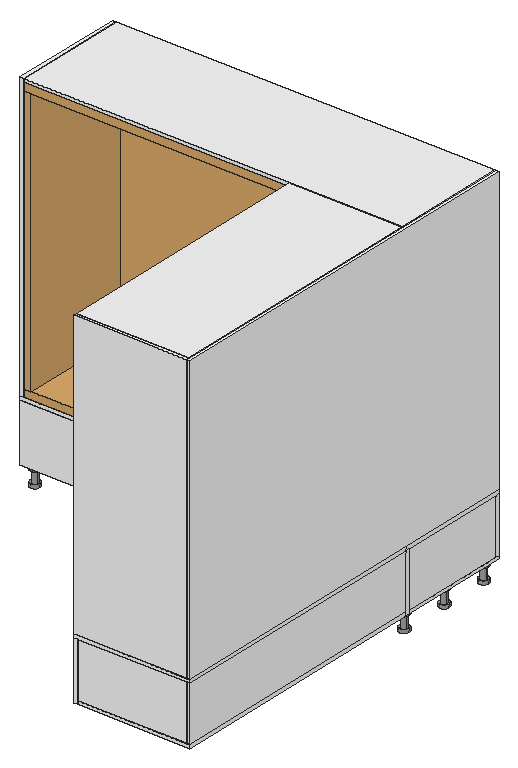
Revit family "1900H Corner Perchpad", category Casework, Revit 2016
Family settings
  OmniClass Number = 23.40.35.00
  OmniClass Title = Casework
  Work Plane-Based = No
  Always vertical = Yes
  Cut with Voids When Loaded = No
  Shared = No
  Room Calculation Point = No
Parameters (values of type "LW2019CPP")
  WarrantyGuarantorParts = "www.bisley.com"  # constant formula
  WarrantyGuarantorLabour = "www.bisley.com"  # constant formula
  WarrantyDurationUnit = "Years"  # constant formula
  WarrantyDurationParts = "5"  # constant formula
  WarrantyDurationLabour = "5"  # constant formula
  WarrantyDescription = "5 Years Parts & Labour"  # constant formula
  Uniclass2015Version = "3.1"  # constant formula
  Uniclass2015Title = "Lockers"  # constant formula
  Uniclass2015Code = "Pr_40_30_78_48"  # constant formula
  URL = "www.bisley.com"
  SustainabilityPerformance = "FSC Approved"  # constant formula
  SerialNumber = ""
  NominalWidth = Width  # 2000 mm
  NominalLength = Depth  # 2000 mm
  NominalHeight = Height  # 1900 mm
  Name = "1900H Corner Perch Pad"  # constant formula
  NBSReference = "45-35-80/380"  # constant formula
  NBSDescription = "General fittings, furnishings and equipment system"  # constant formula
  ModelReference = "LW2019CPP"
  Model = "Abode"  # constant formula
  Material = "MFC"  # constant formula
  ManufacturerURL = "www.bisley.com"  # constant formula
  Manufacturer = "Bisley"  # constant formula
  ManufactureName = "Bisley"  # constant formula
  Finish = "Matt"  # constant formula
  DurationUnit = "Years"  # constant formula
  Depth = 2000 mm
  Height = 1900 mm
  Width = 2000 mm
  Carcass Material = "MFC"  # constant formula
  Author = "Bisley"  # constant formula
  AssetType = "Fixed"  # constant formula
  2m = yes
  1m = no
Reference planes
  plane 1 "Back": y = 0
  plane 2: z = 0
  plane 3 "Center (Left/Right)": x = 44.7
  plane 4 "Front": y = -2000
  plane 5 "Left": x = -955.3
  plane 6 "Right": x = 1044.7
  plane 7 "Top": z = 1900
  plane 8 "Base Panel": z = 100
  plane 9 "Supports": z = 118
  plane 10 "Base Top Panel": z = 402
  plane 11 "Base Top": z = 420
  plane 12 "Top cushion": z = 1882
  plane 13: x = -937.3
  plane 14: x = -131.3
  plane 15: x = -113.3
  plane 16: x = 202.7
  plane 17: x = 220.7
  plane 18: x = 1026.7
  plane 19: y = -18
  plane 20: y = -582
  plane 21: x = -450.3
  plane 22: x = -432.3
  plane 23: x = 539.7
  plane 24: x = 521.7
  plane 25: x = 35.7
  plane 26: x = 53.7
  plane 27: y = -28
  plane 28: x = -897.3
  plane 29: x = 986.7
  plane 30: y = -590
  plane 31: z = 450
  plane 32: x = -907.3
  plane 33: x = 996.7
  plane 34: z = 1852
  plane 35: y = -590
  plane 36: x = 444.7
  plane 37: y = -1982
  plane 38: y = -618
  plane 39: y = -1540
  plane 40: y = -1522
  plane 41: y = -1078
  plane 42: y = -1060
  plane 43: x = 462.7
  plane 44: x = 1016.7
  plane 45 "Top Cushion": z = 1842
Forms (mm)
  Extrusion 1, solid, not visible
    sketch origin (-1691.73, 346.204, -12) x (1, 0, 0) y (0, 0, 1)
      loop
        line (48, 12) -> (56, 12) -> (56, 20) -> (48, 20) -> (48, 12)
    from 0 to 26
  Extrusion 2, solid, not visible
    sketch origin (-1683.73, 346.204, -12) x (-1, 0, 0) y (0, 0, -1)
      loop
        line (48, -12) -> (48, -20) -> (56, -20) -> (56, -12) -> (48, -12)
    from 0 to 26
  Extrusion 3, solid, not visible
    sketch origin (-1687.73, 350.204, -3.997) x (0, 1, 0) y (0, 0, 1)
      loop
        line (-26, 3.997) -> (-26, 11.997) -> (-34, 11.997) -> (-34, 3.997) -> (-26, 3.997)
    from -52 to 52
  Extrusion 4, solid, material "MFC 1"
    sketch origin (0, 0, 100) x (-1, 0, 0) y (0, -1, 0)
      loop
        line (955.3, 582) -> (-1044.7, 582) -> (-1044.7, 0) -> (955.3, 0) -> (955.3, 582)
    from 0 to 18
  Extrusion 5, solid, material "MFC 1"
    sketch origin (0, 0, 402) x (-1, 0, 0) y (0, -1, 0)
      loop
        line (955.3, 600) -> (-1044.7, 600) -> (-1044.7, 0) -> (955.3, 0) -> (955.3, 600)
    from 0 to 18
  Extrusion 6, solid, material "MFC 1"
    sketch origin (0, 0, 118) x (-1, 0, 0) y (0, -1, 0)
      loop
        line (955.3, 582) -> (937.3, 582) -> (937.3, 18) -> (955.3, 18) -> (955.3, 582)
    from 0 to 284
  Extrusion 7, solid, material "MFC 1", visible <- "1m"
    sketch origin (0, 0, 118) x (-1, 0, 0) y (0, -1, 0)
      loop
        line (131.3, 582) -> (113.3, 582) -> (113.3, 18) -> (131.3, 18) -> (131.3, 582)
    from 0 to 284
  Extrusion 8, solid, material "MFC 1", visible <- "1m"
    sketch origin (0, 0, 118) x (-1, 0, 0) y (0, -1, 0)
      loop
        line (-202.7, 582) -> (-220.7, 582) -> (-220.7, 18) -> (-202.7, 18) -> (-202.7, 582)
    from 0 to 284
  Extrusion 9, solid, material "MFC 1"
    sketch origin (0, 0, 118) x (-1, 0, 0) y (0, -1, 0)
      loop
        line (-1026.7, 582) -> (-1044.7, 582) -> (-1044.7, 18) -> (-1026.7, 18) -> (-1026.7, 582)
    from 0 to 284
  Extrusion 10, solid, material "MFC 1"
    sketch origin (0, 0, 118) x (-1, 0, 0) y (0, -1, 0)
      loop
        line (955.3, 18) -> (-1044.7, 18) -> (-1044.7, 0) -> (955.3, 0) -> (955.3, 18)
    from 0 to 284
  Extrusion 11, solid, material "MFC 1"
    sketch origin (0, -600, 0) x (1, 0, 0) y (0, 0, 1)
      loop
        line (-955.3, 100) -> (1044.7, 100) -> (1044.7, 402) -> (-955.3, 402) -> (-955.3, 100)
    from 0 to -18
  Extrusion 12, solid, material "MFC 1"
    sketch origin (0, 0, 420) x (-1, 0, 0) y (0, -1, 0)
      loop
        line (955.3, 600) -> (937.3, 600) -> (937.3, 0) -> (955.3, 0) -> (955.3, 600)
    from 0 to 1480
  Extrusion 13, solid, material "MFC 1"
    sketch origin (0, 0, 420) x (-1, 0, 0) y (0, -1, 0)
      loop
        line (-1026.7, 2000) -> (-1044.7, 2000) -> (-1044.7, 0) -> (-1026.7, 0) -> (-1026.7, 2000)
    from 0 to 1480
  Extrusion 14, solid, material "MFC 1"
    sketch origin (0, 0, 420) x (-1, 0, 0) y (0, -1, 0)
      loop
        line (937.3, 18) -> (-1026.7, 18) -> (-1026.7, 0) -> (937.3, 0) -> (937.3, 18)
    from 0 to 1462
  Extrusion 15, solid, material "MFC 1"
    sketch origin (0, 0, 1900) x (0, -1, 0) y (1, 0, 0)
      loop
        line (600, -937.3) -> (600, 1026.7) -> (0, 1026.7) -> (0, -937.3) -> (600, -937.3)
    from 0 to -18
  Extrusion 16, solid, material "MFC 1", visible <- "2m"
    sketch origin (0, 0, 420) x (-1, 0, 0) y (0, -1, 0)
      loop
        line (450.3, 582) -> (432.3, 582) -> (432.3, 18) -> (450.3, 18) -> (450.3, 582)
    from -302 to -18
  Extrusion 17, solid, material "MFC 1", visible <- "2m"
    sketch origin (0, 0, 118) x (-1, 0, 0) y (0, -1, 0)
      loop
        line (-35.7, 582) -> (-53.7, 582) -> (-53.7, 18) -> (-35.7, 18) -> (-35.7, 582)
    from 0 to 284
  Extrusion 18, solid, material "MFC 1", visible <- "2m"
    sketch origin (0, 0, 118) x (-1, 0, 0) y (0, -1, 0)
      loop
        line (-521.7, 582) -> (-539.7, 582) -> (-539.7, 18) -> (-521.7, 18) -> (-521.7, 582)
    from 0 to 284
  Extrusion 19, solid, material "Fabric"
    sketch origin (0, 0, 420) x (-1, 0, 0) y (0, -1, 0)
      loop
        line (937.3, 28) -> (-1026.7, 28) -> (-1026.7, 18) -> (937.3, 18) -> (937.3, 28)
    from 0 to 1422
  Extrusion 20, solid, material "Fabric"
    sketch origin (0, 0, 420) x (-1, 0, 0) y (0, -1, 0)
      loop
        line (937.3, 600) -> (897.3, 600) -> (897.3, 28) -> (937.3, 28) -> (937.3, 600)
    from 40 to 1422
  Extrusion 21, solid, material "Fabric"
    sketch origin (0, 0, 420) x (-1, 0, 0) y (0, -1, 0)
      loop
        line (937.3, 600) -> (-1016.7, 600) -> (-1016.7, 28) -> (937.3, 28) -> (937.3, 600)
    from 0 to 40
  Extrusion 22, solid, material "Fabric"
    sketch origin (0, 0, 1882) x (-1, 0, 0) y (0, -1, 0)
      loop
        line (937.3, 600) -> (-1026.7, 600) -> (-1026.7, 18) -> (937.3, 18) -> (937.3, 600)
    from 0 to -40
  Extrusion 23, solid, material "MFC 1"
    sketch origin (0, 0, 100) x (-1, 0, 0) y (0, -1, 0)
      loop
        line (-462.7, 2000) -> (-1044.7, 2000) -> (-1044.7, 600) -> (-462.7, 600) -> (-462.7, 2000)
    from 0 to 18
  Extrusion 24, solid, material "MFC 1"
    sketch origin (0, 0, 402) x (-1, 0, 0) y (0, -1, 0)
      loop
        line (-444.7, 2000) -> (-1044.7, 2000) -> (-1044.7, 600) -> (-444.7, 600) -> (-444.7, 2000)
    from 0 to 18
  Extrusion 25, solid, material "MFC 1"
    sketch origin (0, 0, 118) x (-1, 0, 0) y (0, -1, 0)
      loop
        line (-462.7, 2000) -> (-1026.7, 2000) -> (-1026.7, 1982) -> (-462.7, 1982) -> (-462.7, 2000)
    from 0 to 284
  Extrusion 26, solid, material "MFC 1"
    sketch origin (0, 0, 118) x (-1, 0, 0) y (0, -1, 0)
      loop
        line (-462.7, 1540) -> (-1026.7, 1540) -> (-1026.7, 1522) -> (-462.7, 1522) -> (-462.7, 1540)
    from 0 to 284
  Extrusion 27, solid, material "MFC 1"
    sketch origin (0, 0, 118) x (-1, 0, 0) y (0, -1, 0)
      loop
        line (-462.7, 1078) -> (-1026.7, 1078) -> (-1026.7, 1060) -> (-462.7, 1060) -> (-462.7, 1078)
    from 0 to 284
  Extrusion 28, solid, material "MFC 1"
    sketch origin (0, 0, 118) x (-1, 0, 0) y (0, -1, 0)
      loop
        line (-462.7, 618) -> (-1026.7, 618) -> (-1026.7, 600) -> (-462.7, 600) -> (-462.7, 618)
    from 0 to 284
  Extrusion 29, solid, material "MFC 1"
    sketch origin (0, 0, 118) x (-1, 0, 0) y (0, -1, 0)
      loop
        line (-1026.7, 2000) -> (-1044.7, 2000) -> (-1044.7, 600) -> (-1026.7, 600) -> (-1026.7, 2000)
    from 0 to 284
  Extrusion 30, solid, material "MFC 1"
    sketch origin (0, 0, 100) x (-1, 0, 0) y (0, -1, 0)
      loop
        line (-444.7, 2000) -> (-462.7, 2000) -> (-462.7, 600) -> (-444.7, 600) -> (-444.7, 2000)
    from 0 to 302
  Extrusion 31, solid, material "MFC 1"
    sketch origin (0, 0, 1900) x (0, -1, 0) y (1, 0, 0)
      loop
        line (1982, 444.7) -> (1982, 1026.7) -> (600, 1026.7) -> (600, 444.7) -> (1982, 444.7)
    from 0 to -18
  Extrusion 32, solid, material "MFC 1"
    sketch origin (0, 0, 420) x (-1, 0, 0) y (0, -1, 0)
      loop
        line (-444.7, 2000) -> (-1026.7, 2000) -> (-1026.7, 1982) -> (-444.7, 1982) -> (-444.7, 2000)
    from 0 to 1480
  Extrusion 33, solid, material "Fabric"
    sketch origin (0, 0, 420) x (-1, 0, 0) y (0, -1, 0)
      loop
        line (-1026.7, 28) -> (-1016.7, 28) -> (-1016.7, 1982) -> (-1026.7, 1982) -> (-1026.7, 28)
    from 0 to 1462
  Extrusion 34, solid, material "Fabric"
    sketch origin (0, 0, 420) x (-1, 0, 0) y (0, -1, 0)
      loop
        line (-444.7, 1982) -> (-1016.7, 1982) -> (-1016.7, 600) -> (-444.7, 600) -> (-444.7, 1982)
    from 0 to 40
  Extrusion 35, solid, material "Fabric"
    sketch origin (0, 0.993, 420) x (-1, 0, 0) y (0, -1, 0)
      loop
        line (-444.7, 1982.993) -> (-1016.7, 1982.993) -> (-1016.7, 1942.993) -> (-444.7, 1942.993) -> (-444.7, 1982.993)
    from 40 to 1422
  Extrusion 36, solid, material "Fabric"
    sketch origin (0, 0, 1842) x (-1, 0, 0) y (0, -1, 0)
      loop
        line (-444.7, 1982) -> (-1016.7, 1982) -> (-1016.7, 600) -> (-444.7, 600) -> (-444.7, 1982)
    from 0 to 40
Dimensions and locks
  "Width": plane 6 "Right" to plane 5 "Left"
  equal spacing: plane 6 "Right", plane 3 "Center (Left/Right)", plane 5 "Left"
  "Depth": plane 4 "Front" to plane 1 "Back"
  "Height": level to plane 7 "Top"
  locked: plane 5 "Left" to plane 13 at 18
  locked: plane 18 to plane 6 "Right" at 18
  locked: plane 5 "Left" to plane 28 at 58
  locked: plane 29 to plane 6 "Right" at 58
  locked: plane 32 to plane 28 at 10
  locked: plane 29 to plane 33 at 10
  aligned and locked: level to plane 2
  aligned and locked: Extrusion 4 sketch curve to plane 20
  aligned and locked: Extrusion 4 sketch curve to plane 5 "Left"
  aligned and locked: Extrusion 4 sketch curve to plane 1 "Back"
  aligned and locked: plane 6 "Right" to Extrusion 4 sketch curve
  aligned and locked: Extrusion 5 sketch curve to plane 5 "Left"
  aligned and locked: Extrusion 5 sketch curve to Extrusion 4  (x2)
  aligned and locked: Extrusion 6 sketch curve to Extrusion 4
  aligned and locked: Extrusion 4 to Extrusion 6 sketch curve
  aligned and locked: plane 19 to Extrusion 6 sketch curve
  aligned and locked: plane 13 to Extrusion 6 sketch curve
  aligned and locked: Extrusion 7 sketch curve to plane 20
  aligned and locked: Extrusion 7 sketch curve to plane 14
  aligned and locked: plane 19 to Extrusion 7 sketch curve
  aligned and locked: plane 15 to Extrusion 7 sketch curve
  aligned and locked: Extrusion 8 sketch curve to plane 20
  aligned and locked: Extrusion 8 sketch curve to plane 16
  aligned and locked: plane 19 to Extrusion 8 sketch curve
  aligned and locked: plane 17 to Extrusion 8 sketch curve
  aligned and locked: plane 20 to Extrusion 9 sketch curve
  aligned and locked: Extrusion 9 sketch curve to plane 18
  aligned and locked: Extrusion 9 sketch curve to plane 19
  aligned and locked: plane 6 "Right" to Extrusion 9 sketch curve
  aligned and locked: Extrusion 10 sketch curve to Extrusion 6  (x2)
  aligned and locked: Extrusion 10 sketch curve to Extrusion 4
  aligned and locked: Extrusion 11 sketch curve to Extrusion 4  (x2)
  aligned and locked: Extrusion 11 sketch curve to Extrusion 9
  aligned and locked: plane 18 to nested 6
  aligned and locked: plane 20 to nested 6
  aligned and locked: plane 13 to nested 1
  aligned and locked: nested 1 to plane 20
  aligned and locked: plane 13 to nested 2
  aligned and locked: nested 2 to plane 19
  aligned and locked: nested 6 to nested 5
  aligned and locked: nested 2 to nested 5
  aligned and locked: plane 1 "Back" to Extrusion 12 sketch curve
  aligned and locked: plane 13 to Extrusion 12 sketch curve
  aligned and locked: plane 4 "Front" to Extrusion 13 sketch curve
  aligned and locked: Extrusion 13 sketch curve to plane 18
  aligned and locked: Extrusion 13 sketch curve to Extrusion 4
  aligned and locked: Extrusion 14 sketch curve to nested 2
  aligned and locked: Extrusion 14 sketch curve to Extrusion 6
  aligned and locked: Extrusion 13 to Extrusion 14 sketch curve
  aligned and locked: Extrusion 14 sketch curve to Extrusion 13
  aligned and locked: plane 7 "Top" to Extrusion 12
  aligned and locked: Extrusion 12 to plane 11 "Base Top"
  aligned and locked: Extrusion 13 to plane 11 "Base Top"
  aligned and locked: Extrusion 13 to plane 7 "Top"
  aligned and locked: Extrusion 15 sketch curve to Extrusion 12  (x2)
  aligned and locked: Extrusion 15 sketch curve to Extrusion 14
  aligned and locked: Extrusion 13 to Extrusion 15 sketch curve
  aligned and locked: Extrusion 15 to plane 7 "Top"
  aligned and locked: Extrusion 15 to plane 12 "Top cushion"
  aligned and locked: Extrusion 4 to Extrusion 16 sketch curve
  aligned and locked: Extrusion 16 sketch curve to plane 21
  aligned and locked: Extrusion 16 sketch curve to Extrusion 10
  aligned and locked: plane 22 to Extrusion 16 sketch curve
  aligned and locked: plane 10 "Base Top Panel" to Extrusion 16
  aligned and locked: Extrusion 16 to plane 9 "Supports"
  aligned and locked: Extrusion 4 to Extrusion 17 sketch curve
  aligned and locked: Extrusion 17 sketch curve to plane 25
  aligned and locked: Extrusion 17 sketch curve to Extrusion 10
  aligned and locked: plane 26 to Extrusion 17 sketch curve
  aligned and locked: plane 10 "Base Top Panel" to Extrusion 17
  aligned and locked: Extrusion 17 to plane 9 "Supports"
  aligned and locked: Extrusion 4 to Extrusion 18 sketch curve
  aligned and locked: Extrusion 18 sketch curve to plane 24
  aligned and locked: Extrusion 18 sketch curve to Extrusion 10
  aligned and locked: plane 23 to Extrusion 18 sketch curve
  aligned and locked: plane 10 "Base Top Panel" to Extrusion 18
  aligned and locked: Extrusion 18 to plane 9 "Supports"
  aligned and locked: plane 13 to nested 11
  aligned and locked: nested 12 to nested 5
  aligned and locked: nested 11 to nested 12
  aligned and locked: nested 14 to plane 19
  aligned and locked: nested 13 to plane 20
  aligned and locked: Extrusion 19 sketch curve to plane 27
  aligned and locked: Extrusion 19 sketch curve to plane 13
  aligned and locked: Extrusion 19 sketch curve to Extrusion 14
  aligned and locked: Extrusion 19 sketch curve to Extrusion 9
  aligned and locked: Extrusion 19 to plane 11 "Base Top"
  aligned and locked: Extrusion 20 sketch curve to Extrusion 6
  aligned and locked: plane 27 to Extrusion 20 sketch curve
  aligned and locked: plane 28 to Extrusion 20 sketch curve
  aligned and locked: plane 28 to Extrusion 20
  aligned and locked: Extrusion 20 to plane 13
  aligned and locked: plane 27 to Extrusion 20
  aligned and locked: Extrusion 21 sketch curve to Extrusion 19
  aligned and locked: Extrusion 22 sketch curve to Extrusion 12
  aligned and locked: Extrusion 22 sketch curve to Extrusion 14
  aligned and locked: Extrusion 22 sketch curve to Extrusion 9
  aligned and locked: Extrusion 22 to plane 12 "Top cushion"
  aligned and locked: Extrusion 20 to Extrusion 22
  aligned and locked: plane 4 "Front" to Extrusion 23 sketch curve
  aligned and locked: Extrusion 23 sketch curve to Extrusion 5  (x2)
  aligned and locked: Extrusion 24 sketch curve to Extrusion 5
  aligned and locked: plane 37 to Extrusion 25 sketch curve
  aligned and locked: Extrusion 26 sketch curve to plane 39
  aligned and locked: Extrusion 26 sketch curve to plane 43
  aligned and locked: plane 40 to Extrusion 26 sketch curve
  aligned and locked: Extrusion 26 sketch curve to Extrusion 13
  aligned and locked: Extrusion 27 sketch curve to plane 41
  aligned and locked: Extrusion 27 sketch curve to plane 43
  aligned and locked: plane 42 to Extrusion 27 sketch curve
  aligned and locked: Extrusion 27 sketch curve to Extrusion 13
  aligned and locked: Extrusion 28 sketch curve to plane 38
  aligned and locked: Extrusion 28 sketch curve to plane 43
  aligned and locked: plane 4 "Front" to Extrusion 23
  aligned and locked: Extrusion 24 to plane 36
  aligned and locked: Extrusion 25 to Extrusion 13
  aligned and locked: Extrusion 23 to Extrusion 25
  aligned and locked: plane 37 to Extrusion 25
  aligned and locked: plane 4 "Front" to Extrusion 25
  aligned and locked: Extrusion 25 to Extrusion 29 sketch curve
  aligned and locked: Extrusion 13 to Extrusion 29 sketch curve
  aligned and locked: Extrusion 29 sketch curve to Extrusion 5
  aligned and locked: Extrusion 29 sketch curve to Extrusion 23
  aligned and locked: Extrusion 30 sketch curve to Extrusion 24  (x2)
  aligned and locked: Extrusion 23 to Extrusion 30 sketch curve
  aligned and locked: Extrusion 30 sketch curve to Extrusion 23
  aligned and locked: Extrusion 31 sketch curve to Extrusion 24
  aligned and locked: Extrusion 5 to Extrusion 31 sketch curve
  aligned and locked: Extrusion 32 to plane 7 "Top"
  aligned and locked: Extrusion 32 to plane 36
  aligned and locked: nested 4 to nested 3
  aligned and locked: nested 18 to nested 17
  aligned and locked: nested 21 to nested 20
  aligned and locked: nested 24 to nested 23
  aligned and locked: Extrusion 33 sketch curve to Extrusion 19
  aligned and locked: Extrusion 33 sketch curve to plane 37
  aligned and locked: Extrusion 33 sketch curve to plane 44
  aligned and locked: Extrusion 34 sketch curve to Extrusion 32  (x2)
  aligned and locked: Extrusion 34 sketch curve to Extrusion 5
  aligned and locked: plane 44 to Extrusion 34 sketch curve
  aligned and locked: Extrusion 34 to Extrusion 35 sketch curve
  aligned and locked: plane 44 to Extrusion 35 sketch curve
  aligned and locked: Extrusion 35 to plane 37
  aligned and locked: Extrusion 19 to Extrusion 35
  aligned and locked: Extrusion 35 to Extrusion 34
  aligned and locked: Extrusion 35 to plane 36
  aligned and locked: Extrusion 36 sketch curve to Extrusion 32
  aligned and locked: Extrusion 36 sketch curve to Extrusion 34  (x3)
  aligned and locked: Extrusion 36 to plane 12 "Top cushion"
  aligned and locked: Extrusion 36 to Extrusion 19
  aligned and locked: plane 44 to Extrusion 21
Automatic sketch dimensions
  Extrusion 1 sketch curve to Extrusion 1 sketch curve = 8 mm  (x2)
  Extrusion 2 sketch curve to Extrusion 2 sketch curve = 8 mm  (x2)
  Extrusion 3 sketch curve to Extrusion 3 sketch curve = 8 mm  (x2)
  Extrusion 20 sketch curve to plane 20 = 18 mm
  Extrusion 12 sketch curve to plane 5 "Left" = 0 mm
  plane 30 to Extrusion 12 sketch curve = 10 mm
  plane 30 to Extrusion 5 sketch curve = 10 mm
  Extrusion 10 sketch curve to plane 6 "Right" = 0 mm
  Extrusion 13 sketch curve to plane 6 "Right" = 0 mm
  plane 30 to Extrusion 21 sketch curve = 10 mm
  plane 30 to Extrusion 22 sketch curve = 10 mm
  Extrusion 11 sketch curve to plane 10 "Base Top Panel" = 0 mm
  Extrusion 23 sketch curve to plane 43 = 0 mm
  plane 4 "Front" to Extrusion 24 sketch curve = 0 mm
  Extrusion 24 sketch curve to plane 6 "Right" = 0 mm
  Extrusion 24 sketch curve to plane 36 = 0 mm
  plane 4 "Front" to Extrusion 25 sketch curve = 0 mm
  Extrusion 25 sketch curve to plane 18 = 0 mm
  Extrusion 25 sketch curve to plane 43 = 0 mm
  Extrusion 31 sketch curve to plane 37 = 0 mm
  Extrusion 31 sketch curve to plane 18 = 0 mm
  plane 4 "Front" to Extrusion 32 sketch curve = 0 mm
  Extrusion 32 sketch curve to plane 18 = 0 mm
  Extrusion 32 sketch curve to plane 36 = 0 mm
  Extrusion 32 sketch curve to plane 37 = 0 mm
  plane 37 to Extrusion 35 sketch curve = 0 mm
  plane 37 to Extrusion 35 sketch curve = 40 mm
  Extrusion 28 sketch curve to plane 18 = 0 mm
  plane 30 to Extrusion 28 sketch curve = 10 mm
  Extrusion 33 sketch curve to plane 18 = 0 mm
  Extrusion 21 sketch curve to plane 13 = 0 mm
  Extrusion 21 sketch curve to plane 18 = 10 mm
Nested families
  nested 1: "Foot 100" at (-957, -532, 0), type "Foot 100"
  nested 2: "Foot 100" at (-957, -18, 0), type "Foot 100"
  nested 3: "Foot 100" at (957, -600, 0), visible <- "1m", type "Foot 100"
  nested 4: "Foot 100" at (443, -600, 0), visible <- "1m", type "Foot 100"
  nested 5: "Foot 100" at (957, -18, 0), type "Foot 100"
  nested 6: "Foot 100" at (957, -532, 0), type "Foot 100"
  nested 7: "Foot 100" at (-470, -411.238, 0), visible <- "2m", type "Foot 100"
  nested 8: "Foot 100" at (-470, -141.238, 0), visible <- "2m", type "Foot 100"
  nested 9: "Foot 100" at (470, -411.238, 0), visible <- "2m", type "Foot 100"
  nested 10: "Foot 100" at (470, -141.238, 0), visible <- "2m", type "Foot 100"
  nested 11: "Foot 100" at (-957, -273, 0), visible <- "2m", type "Foot 100"
  nested 12: "Foot 100" at (957, -273, 0), visible <- "2m", type "Foot 100"
  nested 13: "Foot 100" at (-0.084, -532, 0), visible <- "2m", type "Foot 100"
  nested 14: "Foot 100" at (-0.084, -18, 0), visible <- "2m", type "Foot 100"
  nested 15: "Foot 100" at (-0.084, -281.238, 0), visible <- "2m", type "Foot 100"
  nested 16: "Foot 100" at (703, -600, 0), visible <- "1m", type "Foot 100"
  nested 17: "Foot 100" at (957, -1043.024, 0), visible <- "1m", type "Foot 100"
  nested 18: "Foot 100" at (443, -1043.024, 0), visible <- "1m", type "Foot 100"
  nested 19: "Foot 100" at (703, -1043.024, 0), visible <- "1m", type "Foot 100"
  nested 20: "Foot 100" at (957, -1505.024, 0), visible <- "1m", type "Foot 100"
  nested 21: "Foot 100" at (443, -1505.024, 0), visible <- "1m", type "Foot 100"
  nested 22: "Foot 100" at (703, -1505.024, 0), visible <- "1m", type "Foot 100"
  nested 23: "Foot 100" at (957, -1932, 0), visible <- "1m", type "Foot 100"
  nested 24: "Foot 100" at (443, -1932, 0), visible <- "1m", type "Foot 100"
  nested 25: "Foot 100" at (703, -1932, 0), visible <- "1m", type "Foot 100"
Definition of nested family "Foot 100"
  Parameters (values of type "Foot 100")
    WarrantyGuarantorParts = "www.bisley.com"  # constant formula
    WarrantyGuarantorLabour = "www.bisley.com"  # constant formula
    WarrantyDurationUnit = "Years"  # constant formula
    WarrantyDurationParts = "5"  # constant formula
    WarrantyDurationLabour = "5"  # constant formula
    WarrantyDescription = "5 Years Parts & Labour"  # constant formula
    Uniclass2015Version = ""
    Uniclass2015Title = ""
    Uniclass2015Code = ""
    URL = "www.bisley.com"
    SustainabilityPerformance = "FSC Approved"  # constant formula
    SerialNumber = ""
    NominalWidth = Width  # 50 mm
    NominalLength = Depth  # 50 mm
    NominalHeight = Height  # 900 mm
    Name = ""
    NBSReference = ""
    NBSDescription = "General fittings, furnishings and equipment system"  # constant formula
    ModelReference = ""
    Model = "Abode"  # constant formula
    Material = "MFC"  # constant formula
    ManufacturerURL = "www.bisley.com"  # constant formula
    Manufacturer = "Bisley"  # constant formula
    ManufactureName = "Bisley"  # constant formula
    Finish = "Matt"  # constant formula
    ExpectedLife = "25"  # constant formula
    DurationUnit = "Years"  # constant formula
    Depth = 50 mm
    Height = 900 mm
    Width = 50 mm
    Carcass Material = "MFC"  # constant formula
    Author = "Bisley"  # constant formula
    AssetType = "Fixed"  # constant formula
  Reference planes
    plane 1 "Back": y = 0
    plane 2: z = 0
    plane 3 "Center (Left/Right)": x = 44.7
    plane 4 "Front": y = -50
    plane 5 "Left": x = 19.7
    plane 6 "Right": x = 69.7
    plane 7 "Top": z = 900
    plane 8: y = -25
    plane 9 "Foot top": z = 98
    plane 10: y = 0
    plane 11: y = -50
    plane 12: x = 19.7
    plane 13: x = 69.7
    plane 14: x = 24.7
    plane 15: y = -5
  Forms (mm)
    Extrusion 1, solid, not visible
      sketch origin (-1691.73, 346.204, -12) x (1, 0, 0) y (0, 0, 1)
        loop
          line (48, 12) -> (56, 12) -> (56, 20) -> (48, 20) -> (48, 12)
      from 0 to 26
    Extrusion 2, solid, not visible
      sketch origin (-1683.73, 346.204, -12) x (-1, 0, 0) y (0, 0, -1)
        loop
          line (48, -12) -> (48, -20) -> (56, -20) -> (56, -12) -> (48, -12)
      from 0 to 26
    Extrusion 3, solid, not visible
      sketch origin (-1687.73, 350.204, -3.997) x (0, 1, 0) y (0, 0, 1)
        loop
          line (-26, 3.997) -> (-26, 11.997) -> (-34, 11.997) -> (-34, 3.997) -> (-26, 3.997)
      from -52 to 52
    Extrusion 4, solid
      sketch origin (0, 275, 0) x (1, 0, 0) y (0, 1, 0)
        loop
          circle (44.7, -300) r 25
      from 0 to 15
    Extrusion 5, solid
      sketch origin (0, 275, 0) x (1, 0, 0) y (0, 1, 0)
        loop
          circle (44.7, -300) r 15
      from 15 to 78
    Extrusion 6, solid
      sketch origin (0, 275, 0) x (1, 0, 0) y (0, 1, 0)
        loop
          circle (44.7, -300) r 25
      from 78 to 98
    Extrusion 7, solid
      sketch origin (0, 275, 98) x (-1, 0, 0) y (0, -1, 0)
        loop
          line (-19.7, 325) -> (-69.7, 325) -> (-69.7, 275) -> (-19.7, 275) -> (-19.7, 325)
      from 0 to -10
    Extrusion 8, void
      sketch origin (0, 275, 98) x (-1, 0, 0) y (0, -1, 0)
        loop
          circle (-24.7, 280) r 2.5
      from 0 to -10
    Extrusion 9, void
      sketch origin (89.401, 275, 98) x (1, 0, 0) y (0, 1, 0)
        loop
          circle (-24.7, -280) r 2.5
      from 0 to -10
    Extrusion 10, void
      sketch origin (0, -325, 98) x (-1, 0, 0) y (0, -1, 0)
        loop
          circle (-24.7, -280) r 2.5
      from 0 to -10
    Extrusion 11, void
      sketch origin (89.401, -325, 98) x (1, 0, 0) y (0, 1, 0)
        loop
          circle (-24.7, 280) r 2.5
      from 0 to -10
  Cuts and joins
    Extrusion 8, Extrusion 9, Extrusion 10, Extrusion 11 cuts Extrusion 4
    Extrusion 8, Extrusion 9, Extrusion 10, Extrusion 11 cuts Extrusion 5
    Extrusion 8, Extrusion 9, Extrusion 10, Extrusion 11 cuts Extrusion 6
    Extrusion 8, Extrusion 9, Extrusion 10, Extrusion 11 cuts Extrusion 7
    joined: Extrusion 4, Extrusion 5, Extrusion 6, Extrusion 7
  Dimensions and locks
    "Width": plane 6 "Right" to plane 5 "Left"
    equal spacing: plane 6 "Right", plane 3 "Center (Left/Right)", plane 5 "Left"
    "Depth": plane 4 "Front" to plane 1 "Back"
    "Height": level to plane 7 "Top"
    aligned and locked: level to plane 2
    aligned and locked: Extrusion 5 to Extrusion 4
    aligned and locked: Extrusion 4 to level
    aligned and locked: Extrusion 6 to Extrusion 5
    aligned and locked: plane 9 "Foot top" to Extrusion 6
  Automatic sketch dimensions
    Extrusion 1 sketch curve to Extrusion 1 sketch curve = 8 mm  (x2)
    Extrusion 2 sketch curve to Extrusion 2 sketch curve = 8 mm  (x2)
    Extrusion 3 sketch curve to Extrusion 3 sketch curve = 8 mm  (x2)
    Extrusion 4 sketch curve to plane 3 "Center (Left/Right)" = 0 mm
    plane 8 to Extrusion 4 sketch curve = 0 mm
    Extrusion 5 sketch curve to plane 3 "Center (Left/Right)" = 0 mm
    plane 8 to Extrusion 5 sketch curve = 0 mm
    Extrusion 6 sketch curve to plane 3 "Center (Left/Right)" = 0 mm
    plane 8 to Extrusion 6 sketch curve = 0 mm
    Extrusion 7 sketch curve to plane 11 = 0 mm
    Extrusion 7 sketch curve to plane 13 = 0 mm
    plane 10 to Extrusion 7 sketch curve = 0 mm
    Extrusion 7 sketch curve to plane 12 = 0 mm
    Extrusion 8 sketch curve to plane 14 = 0 mm
    Extrusion 8 sketch curve to plane 15 = 0 mm
    plane 15 to Extrusion 9 sketch curve = 0 mm
    plane 13 to Extrusion 9 sketch curve = 5 mm
    Extrusion 10 sketch curve to plane 14 = 0 mm
    Extrusion 10 sketch curve to plane 11 = 5 mm
    Extrusion 11 sketch curve to plane 13 = 5 mm
    plane 11 to Extrusion 11 sketch curve = 5 mm
    radius of Extrusion 4 sketch curve = 25 mm
    radius of Extrusion 5 sketch curve = 15 mm
    radius of Extrusion 6 sketch curve = 25 mm
    radius of Extrusion 8 sketch curve = 2.5 mm
    radius of Extrusion 9 sketch curve = 2.5 mm
    radius of Extrusion 10 sketch curve = 2.5 mm
    radius of Extrusion 11 sketch curve = 2.5 mm
